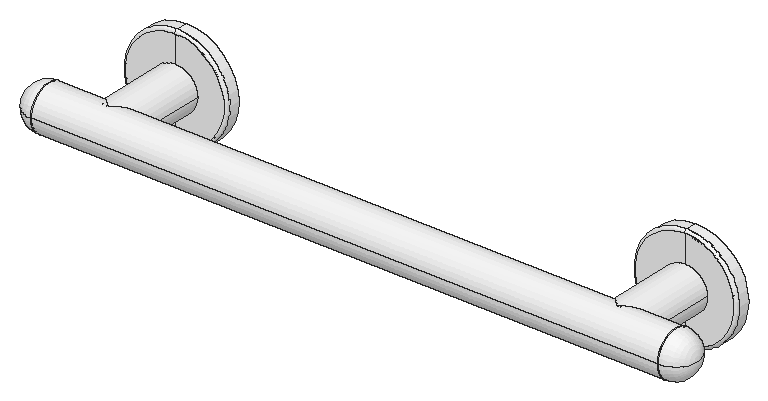
Revit family "rba-bim-rba4600-01 Straight Rail 366 Series", category Plumbing Fixtures, Revit 2016
Family settings
  Part Type = Normal
  Round Connector Dimension = Use Diameter
  Work Plane-Based = No
  Always vertical = Yes
  Cut with Voids When Loaded = No
  Shared = Yes
  Room Calculation Point = No
Parameters (values of type "RBA4600-011")
  Watermarked By = "www.rba.com.au"
  Waste Connection = yes
  Vent Connection = yes
  URL = "http://www.rba.com.au/accessible-disabled/grab-rails"
  Phone Number = "1300 788 778"
  OFFSET = 1000 mm
  Modified Issue = "20180726.01"
  Model = "RBA4600-011"
  Materials and Finishes = Stainless Steel / White Antibacterial Finish
  Manufacturer Model = ""
  Manufacturer = "RBA Group"  # constant formula
  HW Connection = yes
  Distance Away from Wall (default) = 100 mm
  Distance Away from Toilet (default) = 1090 mm
  Description = "Raffaello Straight Grab Rail 366mm"
  Copyright by = "RBA Group"  # constant formula
  CW Connection = yes
Types (3, lengths in mm): name | Model | Materials and Finishes
  RBA4600-011 | "RBA4600-011" | Stainless Steel / White Antibacterial Finish
  RBA4600-018 | "RBA4600-018" | Stainless Steel AISI 304 (Black)
  RBA4600-019 | "RBA4600-019" | Stainless Steel AISI 304
Reference planes
  plane 1 "Center (Front/Back)": y = 0
  plane 2: z = 0
  plane 3 "Center (Left/Right)": x = 0
  plane 4: x = -183
  plane 5: x = 183
  plane 6: x = -225
  plane 7: x = 225
  plane 8: x = 241
  plane 9: x = -241
  plane 10: y = -10
  plane 11: y = -55
Forms (mm)
  Extrusion 1, solid, material "Stainless Steel / White Antibacterial Finish" <- "Materials and Finishes"
    sketch origin (0, 0, 0) x (1, 0, 0) y (0, 0, 1)
      loop
        circle (-183, 0) r 16
    from 10 to 71
  Extrusion 2, solid, material "Stainless Steel / White Antibacterial Finish" <- "Materials and Finishes"
    sketch origin (0, 0, 0) x (-1, 0, 0) y (0, 0, -1)
      loop
        circle (-183, 0) r 16
    from 10 to 71
  Revolve 3, solid, material "Stainless Steel / White Antibacterial Finish" <- "Materials and Finishes"
    sketch origin (0, 0, 0) x (1, 0, 0) y (0, 1, 0)
      loop
        line (-241, -71) -> (-225, -71) -> (-225, -55)
        arc (-225, -55) -> (-236.314, -59.686) -> (-241, -71) r 16
      axis (-241, -71) -> (-225, -71)
    angle from 0 to 360
  Revolve 4, solid, material "Stainless Steel / White Antibacterial Finish" <- "Materials and Finishes"
    sketch origin (-40, 0, 0) x (-1, 0, 0) y (0, -1, 0)
      loop
        arc (-281, 71) -> (-276.314, 59.686) -> (-265, 55) r 16
        line (-265, 55) -> (-265, 71) -> (-281, 71)
      axis (-281, 71) -> (-265, 71)
    angle from 0 to 360
  Extrusion 5, solid, material "Stainless Steel / White Antibacterial Finish" <- "Materials and Finishes"
    sketch origin (0, 0, -1000) x (0, 1, 0) y (0, 0, 1)
      loop
        circle (-71, 1000) r 16
    from -225 to 225
  Revolve 6, solid, material "Stainless Steel / White Antibacterial Finish" <- "Materials and Finishes"
    sketch origin (183, 0, -450) x (0, 1, 0) y (0, 0, 1)
      loop
        line (0, 487.5) -> (-8, 487.5)
        arc (-8, 487.5) -> (-9.414, 486.914) -> (-10, 485.5) r 2
        line (-10, 485.5) -> (-10, 450) -> (0, 450) -> (0, 487.5)
      axis (0, 450) -> (-10, 450)
    angle from 0 to 360
  Revolve 7, solid, material "Stainless Steel / White Antibacterial Finish" <- "Materials and Finishes"
    sketch origin (-183, 0, -450) x (0, 1, 0) y (0, 0, 1)
      loop
        line (0, 487.5) -> (-8, 487.5)
        arc (-8, 487.5) -> (-9.414, 486.914) -> (-10, 485.5) r 2
        line (-10, 485.5) -> (-10, 450) -> (0, 450) -> (0, 487.5)
      axis (0, 450) -> (-10, 450)
    angle from 0 to 360
Dimensions and locks
  plane 9 to plane 8 = 482 mm
  plane 6 to plane 7 = 450 mm
  plane 9 to plane 4 = 58 mm
  plane 5 to plane 8 = 58 mm
  plane 10 to plane 1 "Center (Front/Back)" = 10 mm
  plane 6 to plane 4 = 42 mm
  plane 4 to plane 5 = 366 mm
  plane 5 to plane 7 = 42 mm
  plane 11 to plane 1 "Center (Front/Back)" = 55 mm
  radius of Revolve 4 sketch curve = 16 mm
  aligned and locked: plane 2 to level
  aligned and locked: Revolve 3 to Extrusion 5
  aligned and locked: level to Extrusion 5
  aligned and locked: level to Revolve 4
  aligned and locked: level to Revolve 3
  aligned and locked: level to Extrusion 1
  aligned and locked: level to Extrusion 2
  aligned and locked: plane 5 to Revolve 6  (x2)
  aligned and locked: plane 10 to Extrusion 2
  aligned and locked: plane 4 to Revolve 7  (x2)
  aligned and locked: plane 10 to Extrusion 1
  aligned and locked: Extrusion 1 to plane 10
  aligned and locked: Extrusion 2 to plane 10
  aligned and locked: Extrusion 5 to plane 6
  aligned and locked: Revolve 3 to plane 6
  aligned and locked: plane 7 to Extrusion 5
  aligned and locked: Revolve 4 to Extrusion 5
